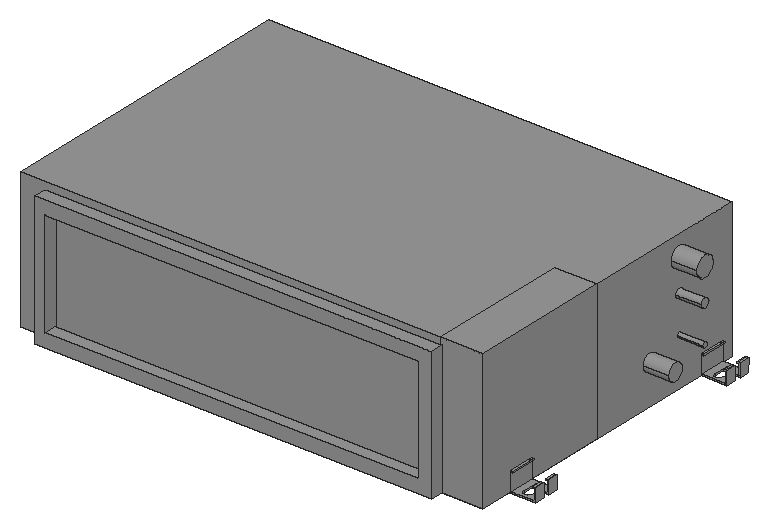
Revit family "Trane_TVR_Indoor_Medium static pressure_4TVD0007(09,12)EF000AA(2nd DC)", category Equipamento mecânico, Revit 2019
Family settings
  Cota do conector redondo = Utilizar diâmetro
  Tipo de parte = Normal
  Número OmniClass = 23.75.00.00
  Título OmniClass = Climate Control (HVAC)
  Com base no plano de trabalho = Não
  Sempre na vertical = Sim
  Corte com vazios quando carregada = Não
  Compartilhado = Não
  Ponto de cálculo do ambiente = Não
Parameters (values of type "4TVD0012EF000AA")
  clearance access right = 600.000 mm
  clearance access left = 500.000 mm
  clearance access front = 0.000 mm
  clearance access behind = 0.000 mm
  clearance [instance] = no
  Width = 780.000 mm
  URL = "https://www.trane.com/commercial/latin-america/br/pt.html"
  Series = "TVR ULTRA"
  Power supply = "220-240V, 50/60Hz"
  Net Weight = 18.00 kg
  Modelo = "4TVD0012EF000AA"
  Minimum Circuit Amps = 0.77 A
  Maximum Fuse Amps = 15 A
  Fabricante = "Trane"
  Machine material = grilles：ABS/HIPS
  Liquid pipe = 6.350 mm
  Installation = "Indoor installation"
  Height = 210.000 mm
  Heating Power Input = 45 W
  Heating Capacity = 4.00 kW
  Gas pipe = 12.700 mm
  Gas = "R410a"
  Descrição = "High efficiency air cooled"
  Depth = 500.000 mm
  Cooling Power Input = 45 W
  Cooling Capacity = 3.60 kW
  Condensation = "air"
  Air  Flow = "580/540/500/460/430/400/370 m3/h"
Types (4, lengths in mm): name | Modelo | Minimum Circuit Amps | Heating Power Input | Heating Capacity | Cooling Power Input | Cooling Capacity | Air  Flow
  (no name) | "4TVD0012EF000AA" | 0.77 A | 45 W | 4.00 kW | 45 W | 3.60 kW | "580/540/500/460/430/400/370 m3/h"
  4TVD0007EF000AA | "4TVD0007EF000AA" | 0.74 A | 40 W | 2.60 kW | 40 W | 2.20 kW | "520/480/440/400/360/330/300"
  4TVD0009EF000AA | "4TVD0009EF000AA" | 0.74 A | 40 W | 3.20 kW | 40 W | 2.80 kW | "520/480/440/400/360/330/300"
  4TVD0012EF000AA | "4TVD0012EF000AA" | 0.77 A | 45 W | 4.00 kW | 45 W | 3.60 kW | "580/540/500/460/430/400/370 m3/h"
Reference planes
  plane 1 "Center(front/bcak)": y = 0
  plane 2: z = 0
  plane 3 "Center(Left/Right)": x = 0
  plane 4: z = 210
Forms (mm)
  Extrusion 1, solid, material "grilles：ABS/HIPS" <- "Machine material", detail levels medium+fine
    sketch origin (0, 0, 0) x (1, 0, 0) y (0, 1, 0)
      loop
        line (0, 235) -> (-389, 235) -> (-389, -235) -> (311, -235) -> (311, 235) -> (0, 235)
    from 0 to 210
  Extrusion 2, solid, material "grilles：ABS/HIPS" <- "Machine material", detail levels fine
    sketch origin (0, 0, 0) x (1, 0, 0) y (0, 0, 1)
      loop
        line (-351, 200) -> (-351, 0) -> (249, 0) -> (249, 200) -> (-351, 200)
      loop
        line (-336, 180) -> (-336, 20) -> (229.698, 20) -> (229.698, 180) -> (-336, 180)
    from 235 to 255
  Extrusion 3, solid, material "grilles：ABS/HIPS" <- "Machine material", detail levels fine
    sketch origin (0, 510, 0) x (1, 0, 0) y (0, 0, 1)
      loop
        line (-326, 200) -> (-326, 0) -> (211.585, 0) -> (211.585, 200) -> (-326, 200)
      loop
        line (-320.73, 195.027) -> (-320.73, 5.508) -> (206.666, 5.508) -> (206.666, 195.027) -> (-320.73, 195.027)
    from 265 to 275
  Extrusion 4, solid, material "grilles：ABS/HIPS" <- "Machine material", detail levels fine
    sketch origin (0, 0, 0) x (0, 1, 0) y (0, 0, 1)
      loop
        circle (135, 180) r 15
    from 311 to 351
  Extrusion 5, solid, material "grilles：ABS/HIPS" <- "Machine material", detail levels fine
    sketch origin (0, 0, 0) x (0, 1, 0) y (0, 0, 1)
      loop
        circle (135, 130.396) r 6.35
    from 311 to 351
  Extrusion 6, solid, material "grilles：ABS/HIPS" <- "Machine material", detail levels fine
    sketch origin (0, 0, 0) x (0, 1, 0) y (0, 0, 1)
      loop
        circle (135, 73.557) r 3.175
    from 311 to 351
  Extrusion 7, solid, material "grilles：ABS/HIPS" <- "Machine material", detail levels fine
    sketch origin (0, 0, 0) x (0, 1, 0) y (0, 0, 1)
      loop
        circle (79.212, 61.022) r 12.5
    from 311 to 351
  Extrusion 8, solid, material "grilles：ABS/HIPS" <- "Machine material", detail levels fine
    sketch origin (0, 0, 0) x (1, 0, 0) y (0, 0, 1)
      loop
        line (311, 0) -> (311, 210) -> (247.862, 210) -> (247.862, 0) -> (311, 0)
    from 20 to 235
  Extrusion 9, solid, material "grilles：ABS/HIPS" <- "Machine material", detail levels fine
    sketch origin (0, 0, 0) x (0, 1, 0) y (0, 0, 1)
      loop
        circle (-154.402, 140.106) r 49
    from -389 to -336
Lines and regions (mm)
  model lines, detail levels fine
    curve 1: line (-336, -255, 180) -> (229.698, -255, 180)
    curve 2: line (-336, -255, 20) -> (-336, -255, 180)
    curve 3: line (229.698, -255, 20) -> (-336, -255, 20)
    curve 4: line (-336, -255, 20) -> (-176, -255, 180)
    curve 5: line (229.698, -255, 20) -> (69.698, -255, 180)
    curve 6: line (-276, -255, 20) -> (-116, -255, 180)
    curve 7: line (-216, -255, 20) -> (-56, -255, 180)
    curve 8: line (-156, -255, 20) -> (4, -255, 180)
    curve 9: line (-96, -255, 20) -> (64, -255, 180)
    curve 10: line (-36, -255, 20) -> (124, -255, 180)
    curve 11: line (24, -255, 20) -> (184, -255, 180)
    curve 12: line (84, -255, 20) -> (229.858, -255, 165.858)
    curve 13: line (144, -255, 20) -> (229.754, -255, 105.754)
    curve 14: line (-336, -255, 140) -> (-296, -255, 180)
    curve 15: line (-336, -255, 80) -> (-236, -255, 180)
    curve 16: line (169.698, -255, 20) -> (9.698, -255, 180)
    curve 17: line (109.698, -255, 20) -> (-50.302, -255, 180)
    curve 18: line (49.698, -255, 20) -> (-110.302, -255, 180)
    curve 19: line (-10.302, -255, 20) -> (-170.302, -255, 180)
    curve 20: line (-70.302, -255, 20) -> (-230.302, -255, 180)
    curve 21: line (-130.302, -255, 20) -> (-290.302, -255, 180)
    curve 22: line (-190.302, -255, 20) -> (-336, -255, 165.698)
    curve 23: line (-250.302, -255, 20) -> (-336, -255, 105.698)
    curve 24: line (-310.302, -255, 20) -> (-336, -255, 45.698)
    curve 25: line (229.592, -255, 140.106) -> (189.698, -255, 180)
    curve 26: line (229.594, -255, 80.104) -> (129.698, -255, 180)
    curve 27: line (204, -255, 20) -> (228.749, -255, 44.749)
  model lines
    curve 28: line (311, -235, 210) -> (-389, -235, 210)
    curve 29: line (-389, -235, 210) -> (-389, 235, 210)
    curve 30: line (-389, 235, 210) -> (311, 235, 210)
    curve 31: line (311, 235, 0) -> (-389, 235, 0)
    curve 32: line (-389, 235, 0) -> (-389, -235, 0)
    curve 33: line (-389, -235, 0) -> (311, -235, 0)
    curve 34: line (-389, 235, 210) -> (-389, 235, 0)
    curve 35: line (-389, -235, 210) -> (-389, -235, 0)
    curve 36: line (311, -235, 210) -> (311, 235, 210)
    curve 37: line (311, 235, 210) -> (311, 235, 0)
    curve 38: line (311, 235, 0) -> (311, -235, 0)
    curve 39: line (311, -235, 0) -> (311, -235, 210)
Dimensions and locks
  "Height": plane 4 to level
  "Depth": Extrusion 3 to Extrusion 2
  "Width": nested 4 to nested 1
  "Liquid pipe": diameter of Extrusion 6
  "Gas pipe": diameter of Extrusion 5
  aligned and locked: level to plane 2
Automatic sketch dimensions
  Extrusion 1 sketch curve to plane 3 "Center(Left/Right)" = 0.000 mm
  plane 1 "Center(front/bcak)" to Extrusion 1 sketch curve = 235.000 mm
  Extrusion 1 sketch curve to plane 3 "Center(Left/Right)" = 389.000 mm
  plane 3 "Center(Left/Right)" to Extrusion 1 sketch curve = 311.000 mm
  Extrusion 1 sketch curve to plane 1 "Center(front/bcak)" = 235.000 mm
  Extrusion 2 sketch curve to level = 0.000 mm
  Extrusion 2 sketch curve to plane 3 "Center(Left/Right)" = 351.000 mm
  level to Extrusion 2 sketch curve = 20.000 mm
  Extrusion 2 sketch curve to Extrusion 2 sketch curve = 15.000 mm
  plane 4 to Extrusion 2 sketch curve = 30.000 mm
  plane 3 "Center(Left/Right)" to Extrusion 2 sketch curve = 229.698 mm
  plane 4 to Extrusion 2 sketch curve = 10.000 mm
  Extrusion 2 sketch curve to Extrusion 2 sketch curve = 19.302 mm
  Extrusion 3 sketch curve to level = 0.000 mm
  Extrusion 3 sketch curve to plane 3 "Center(Left/Right)" = 326.000 mm
  level to Extrusion 3 sketch curve = 5.508 mm
  Extrusion 3 sketch curve to Extrusion 3 sketch curve = 5.270 mm
  plane 4 to Extrusion 3 sketch curve = 14.973 mm
  plane 3 "Center(Left/Right)" to Extrusion 3 sketch curve = 206.666 mm
  Extrusion 3 sketch curve to Extrusion 3 sketch curve = 4.919 mm
  Extrusion 3 sketch curve to Extrusion 3 sketch curve = 4.973 mm
  plane 4 to Extrusion 4 sketch curve = 30.000 mm
  Extrusion 4 sketch curve to plane 1 "Center(front/bcak)" = 135.000 mm
  Extrusion 5 sketch curve to plane 1 "Center(front/bcak)" = 135.000 mm
  plane 4 to Extrusion 5 sketch curve = 79.604 mm
  Extrusion 6 sketch curve to plane 1 "Center(front/bcak)" = 135.000 mm
  level to Extrusion 6 sketch curve = 73.557 mm
  Extrusion 7 sketch curve to plane 1 "Center(front/bcak)" = 79.212 mm
  level to Extrusion 7 sketch curve = 61.022 mm
  curve 4 to Extrusion 2 = 0.000 mm  (x2)
  Extrusion 2 to curve 3 = 0.000 mm
  curve 1 to Extrusion 2 = 0.000 mm  (x2)
  Extrusion 2 to curve 24 = 25.698 mm  (x2)
  Extrusion 2 to curve 14 = 40.000 mm
  curve 14 to curve 21 = 5.698 mm
  curve 24 to curve 6 = 34.302 mm
  curve 6 to curve 23 = 25.698 mm
  curve 21 to curve 15 = 54.302 mm
  curve 15 to curve 20 = 5.698 mm
  curve 23 to curve 7 = 34.302 mm
  curve 7 to curve 22 = 25.698 mm
  curve 20 to curve 4 = 54.302 mm
  curve 4 to curve 19 = 5.698 mm
  curve 22 to curve 8 = 34.302 mm
  curve 8 to curve 21 = 25.698 mm
  curve 19 to curve 6 = 54.302 mm
  curve 6 to curve 18 = 5.698 mm
  curve 21 to curve 9 = 34.302 mm
  curve 9 to curve 20 = 25.698 mm
  curve 18 to curve 7 = 54.302 mm
  curve 7 to curve 17 = 5.698 mm
  curve 20 to curve 10 = 34.302 mm
  curve 10 to curve 19 = 25.698 mm
  curve 17 to curve 8 = 54.302 mm
  curve 8 to curve 16 = 5.698 mm
  curve 19 to curve 11 = 34.302 mm
  curve 11 to curve 18 = 25.698 mm
  curve 16 to curve 9 = 54.302 mm
  curve 9 to curve 5 = 5.698 mm
  curve 18 to curve 12 = 34.302 mm
  curve 12 to curve 17 = 25.698 mm
  curve 5 to curve 10 = 54.302 mm
  curve 10 to curve 26 = 5.698 mm
  curve 17 to curve 13 = 34.302 mm
  curve 13 to curve 16 = 25.698 mm
  Extrusion 2 to curve 11 = 45.698 mm
  curve 11 to curve 25 = 5.698 mm
  curve 27 to curve 5 = 25.698 mm
  Extrusion 2 to curve 27 = 0.949 mm
  Extrusion 2 to curve 25 = 0.106 mm
  Extrusion 2 to curve 26 = 0.104 mm
  curve 13 to Extrusion 2 = 0.056 mm
  curve 12 to Extrusion 2 = 0.160 mm
  Extrusion 2 to curve 27 = 24.749 mm
  curve 24 to curve 15 = 34.302 mm
  curve 27 to curve 26 = 35.355 mm
  curve 15 to curve 23 = 25.698 mm
  curve 26 to curve 13 = 25.650 mm
  curve 23 to curve 14 = 34.302 mm
  curve 13 to curve 25 = 34.352 mm
  Extrusion 2 to curve 22 = 14.302 mm
  Extrusion 2 to curve 12 = 14.142 mm
  curve 28 to Extrusion 1 = 0.000 mm  (x3)
  curve 29 to Extrusion 1 = 0.000 mm
  curve 30 to Extrusion 1 = 0.000 mm
  curve 31 to Extrusion 1 = 0.000 mm  (x2)
  curve 32 to Extrusion 1 = 0.000 mm  (x2)
  curve 33 to Extrusion 1 = 0.000 mm
  curve 34 to Extrusion 1 = 0.000 mm  (x2)
  Extrusion 1 to curve 34 = 389.000 mm
  curve 35 to Extrusion 1 = 0.000 mm  (x3)
  Extrusion 1 to curve 36 = 0.000 mm
  curve 36 to Extrusion 1 = 0.000 mm
  curve 38 to Extrusion 1 = 0.000 mm  (x2)
  Extrusion 8 sketch curve to level = 0.000 mm
  Extrusion 8 sketch curve to plane 4 = 0.000 mm
  plane 3 "Center(Left/Right)" to Extrusion 8 sketch curve = 247.862 mm
  Extrusion 8 sketch curve to Extrusion 8 sketch curve = 63.138 mm
  plane 4 to Extrusion 9 sketch curve = 69.894 mm
  plane 1 "Center(front/bcak)" to Extrusion 9 sketch curve = 154.402 mm
  radius of Extrusion 4 sketch curve = 15.000 mm
  radius of Extrusion 5 sketch curve = 6.350 mm
  radius of Extrusion 6 sketch curve = 3.175 mm
  radius of Extrusion 7 sketch curve = 12.500 mm
  radius of Extrusion 9 sketch curve = 49.000 mm
Nested families
  nested 1: "Beautiful-Lagou" at (311, -185, 0) x (0, 1, 0) z (0, 0, 1), type "Lagou-HXL", detail levels fine
  nested 2: "Beautiful-Lagou" at (311, 176.991, 0) x (0, 1, 0) z (0, 0, 1), type "Lagou-HXL", detail levels fine
  nested 3: "Beautiful-Lagou" at (-389, 216.991, 0) x (0, -1, 0) z (0, 0, 1), type "Lagou-HXL", detail levels fine
  nested 4: "Beautiful-Lagou" at (-389, -145, 0) x (0, -1, 0) z (0, 0, 1), type "Lagou-HXL", detail levels fine
Connectors
  piping at (351, 79.212, 61.022), diameter 25
    settings: on Extrusion 7, index 11, connector inside diameter 25 mm, connector length 0.000 mm, flow factor 0, pipe flow 0.0 m³/h, pressure drop 0.0 Pa, fitting loss kfactor 0, connector angle 0.00°, fixture units 0, engagement length 0.000 mm, angle of deflection 0.00°, flow configuration 1, flow direction 2, fitting loss method 0, system type 29, joint type 0, gender type 0, connector reference index -1, connector utility 0, adjustable connector no, is connector primary yes, connector description "Drain pipe OD Φ 25mm"
  piping at (351, 135, 73.557), diameter 6.35
    settings: on Extrusion 6, index 16, connector inside diameter 6.35 mm, connector length 0.000 mm, flow factor 0, pipe flow 0.0 m³/h, pressure drop 0.0 Pa, fitting loss kfactor 0, connector angle 0.00°, fixture units 0, engagement length 0.000 mm, angle of deflection 0.00°, flow configuration 1, flow direction 0, fitting loss method 4, system type 22, joint type 0, gender type 0, connector reference index -1, connector utility 0, adjustable connector no, is connector primary no, connector description "Liquid pipe Φ6.35mm"
  piping at (351, 135, 130.396), diameter 12.7
    settings: on Extrusion 5, index 17, connector inside diameter 12.7 mm, connector length 0.000 mm, flow factor 0, pipe flow 0.0 m³/h, pressure drop 0.0 Pa, fitting loss kfactor 0, connector angle 0.00°, fixture units 0, engagement length 0.000 mm, angle of deflection 0.00°, flow configuration 1, flow direction 0, fitting loss method 4, system type 22, joint type 0, gender type 0, connector reference index -1, connector utility 0, adjustable connector no, is connector primary no, connector description "Gas pipe Φ12.7mm"
  electrical at (311, -127.5, 105)
    settings: on Extrusion 8, index 18, voltage 220 V, apparent load 0 VA, apparent load phase1 0 VA, apparent load phase2 0 VA, apparent load phase3 0 VA, power factor 1, load classification "Power", number of poles 1, system type 30, power factor state 1, is connector primary yes, connector utility no, sub classification motor no, connector description "The location of electrical connectors is not the same as the actual location because the wiring terminal is inside the unit."
  hvac at (-51, -255, 100)
    settings: on Extrusion 2, index 19, duct flow 0.0 m³/h, flow factor 0, pres drop 0.0 Pa, loss coef 0, conn angle 0.00°, conn width 515 mm, conn height 147 mm, conn diameter 609.6 mm, duct sys type 1, conn prof type 1, flow config 0, flow direction 0, loss method 0, conn ref index -1, conn util no, is conn primary yes, conn desc ""
  hvac at (-57.208, 245, 100)
    settings: on Extrusion 3, index 20, duct flow 0.0 m³/h, flow factor 0, pres drop 0.0 Pa, loss coef 0, conn angle 0.00°, conn width 515 mm, conn height 147 mm, conn diameter 609.6 mm, duct sys type 2, conn prof type 1, flow config 0, flow direction 0, loss method 0, conn ref index -1, conn util no, is conn primary no, conn desc ""
  hvac at (-389, -154.402, 140.106)
    settings: on Extrusion 9, index 21, duct flow 0.0 m³/h, flow factor 0, pres drop 0.0 Pa, loss coef 0, conn angle 0.00°, conn width 304.8 mm, conn height 304.8 mm, conn diameter 98 mm, duct sys type 4, conn prof type 0, flow config 0, flow direction 0, loss method 0, conn ref index -1, conn util no, is conn primary no, conn desc ""
Definition of nested family "Beautiful-Lagou"
  Parameters
    Manufacturer = "HXL"
    Machine material = none
  Reference planes
    plane 1 "Center (Front/Back)": y = 0
    plane 2: z = 0
    plane 3 "Center (Left/Right)": x = 0
  Forms (mm)
    Extrusion 1, solid, material <- "Machine material"
      sketch origin (0, 0, 0) x (0, 1, 0) y (0, 0, 1)
        loop
          line (0, 0) -> (0, 20) -> (0, 30) -> (-5, 30) -> (-5, 28) -> (-2, 28) -> (-2, 2) -> (-38, 2) -> (-38, 18) -> (-35, 18) -> (-35, 20) -> (-38, 20) -> (-40, 20) -> (-40, 0) -> (0, 0)
      from 0 to 40
    Extrusion 2, void
      sketch origin (0, 0, 0) x (1, 0, 0) y (0, 1, 0)
        loop
          arc (10, -14) -> (4, -20) -> (10, -26) r 6
          line (10, -26) -> (30, -26)
          arc (30, -26) -> (36, -20) -> (30, -14) r 6
          line (30, -14) -> (10, -14)
      from 0 to 2
    Extrusion 3, void
      sketch origin (0, 0, 0) x (1, 0, 0) y (0, 1, 0)
        loop
          line (15, -26) -> (15, -40) -> (25, -40) -> (25, -26) -> (15, -26)
      from 0 to 250
  Cuts and joins
    Extrusion 2, Extrusion 3 cuts Extrusion 1
  Dimensions and locks
    aligned and locked: level to plane 2
